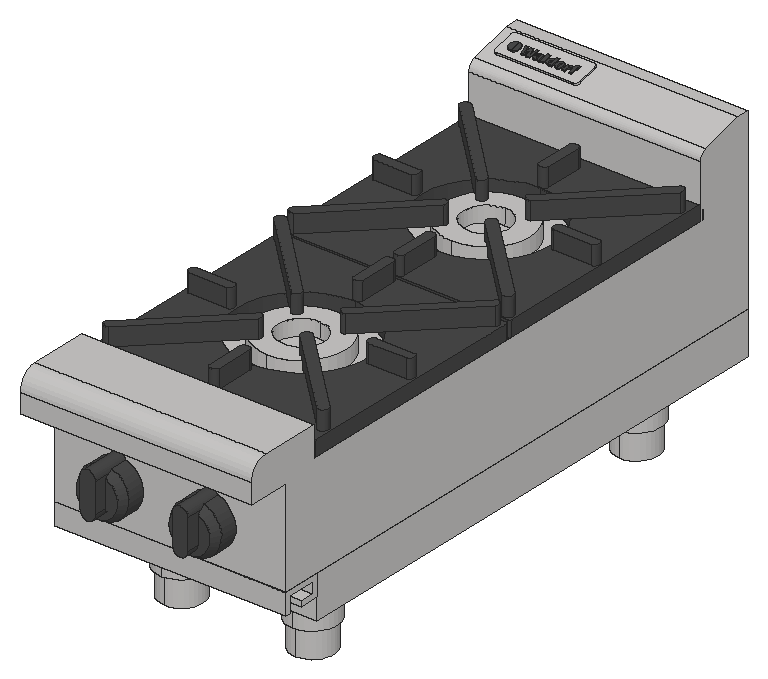
Revit family "QF_MOFFAT WALDORF_RNL8200G-B", category Specialty Equipment, Revit 2012
Parameters
  Weight in Pounds = 103.6171
  URL Cutsheet = "www.moffat.com"
  URL = "www.moffat.com"
  Type Mark [instance] = ""
  Status [instance] = ""
  Specification by User [instance] = ""
  Specification by Manufacturer = ""
  Show Logo [instance] = yes
  Serial Number = ""
  Seismic Rating = ""
  SMACNA No = ""
  Revision Code [instance] = ""
  Omniclass Number and Title = ""
  NAFEM Spec ID Number = ""
  Model = "RNL8200G-B"
  Mechanical Remarks [instance] = ""
  Mechanical Connection Type [instance] = ""
  Masterspec = ""
  Manufacturer = "MOFFAT WALDORF"
  Item Number [instance] = ""
  Installed By [instance] = ""
  Identify Quantity as Lot [instance] = yes
  Gas Size = 1/2"
  Gas RI Height [instance] = 0 mm
  Gas KW [instance] = 15.5
  Gas Input [instance] = 53078.0 Btu/h
  Gas Connection Height = 0 mm
  Furnished By [instance] = ""
  Foodservice Equipment Identifier [instance] = yes
  Description = "COOK TOP LOW SPLASHBACK GAS BENCH MOUNT"
  CSI MasterFormat = ""
  CSI Master Format = ""
Reference planes
  plane 1 "BACK": y = 0
  plane 2: z = 0
  plane 3 "LEFT": x = 0
  plane 4 "RIGHT": x = 300
  plane 5 "FRONT": y = -805
  plane 6 "TOP": z = 370
  plane 7 "Center Y": x = 150
  plane 8 "Center X": y = -402.5
  plane 9: x = 65
  plane 10: x = 235
Forms (mm)
  Revolve 1, solid, material "QF_Finishes_Stainless Steel"
    sketch origin (235, -735, 0) x (0, 1, 0) y (0, 0, -1)
      loop
        line (78.25, -85) -> (110, -85) -> (110, 0) -> (82.5, 0) -> (82.5, -35) -> (78.25, -35) -> (78.25, -85)
      axis (110, -85) -> (110, 0)
    angle from 0 to 360
  Revolve 2, solid, material "QF_Finishes_Stainless Steel"
    sketch origin (235, -210, 0) x (0, 1, 0) y (0, 0, -1)
      loop
        line (78.25, -85) -> (110, -85) -> (110, 0) -> (82.5, 0) -> (82.5, -35) -> (78.25, -35) -> (78.25, -85)
      axis (110, -85) -> (110, 0)
    angle from 0 to 360
  Revolve 3, solid, material "QF_Finishes_Stainless Steel"
    sketch origin (65, -735, 0) x (0, 1, 0) y (0, 0, 1)
      loop
        line (78.25, 85) -> (78.25, 35) -> (82.5, 35) -> (82.5, 0) -> (110, 0) -> (110, 85) -> (78.25, 85)
      axis (110, 85) -> (110, 0)
    angle from 0 to 360
  Revolve 4, solid, material "QF_Finishes_Stainless Steel"
    sketch origin (65, -210, 0) x (0, 1, 0) y (0, 0, 1)
      loop
        line (78.25, 85) -> (78.25, 35) -> (82.5, 35) -> (82.5, 0) -> (110, 0) -> (110, 85) -> (78.25, 85)
      axis (110, 85) -> (110, 0)
    angle from 0 to 360
  Revolve 5, solid, material "QF_Finishes_Black"
    sketch origin (210, 0, 0) x (0, -1, 0) y (0, 0, 1)
      loop
        line (782, 229.605) -> (759, 229.605) -> (759, 202.105) -> (749, 202.105) -> (749, 197.105) -> (793, 197.105) -> (793, 223.757) -> (782, 229.605)
      axis (793, 197.105) -> (749, 197.105)
    angle from 0 to 360
  Extrusion 6, solid, material "QF_Finishes_Black"
    sketch origin (71.569, 0, -103.997) x (1, 0, 0) y (0, 0, 1)
      loop
        line (148.431, 289) -> (148.431, 327.997)
        arc (148.431, 327.997) -> (138.431, 337.997) -> (128.431, 327.997) r 10
        line (128.431, 327.997) -> (128.431, 289)
        arc (128.431, 289) -> (138.431, 279) -> (148.431, 289) r 10
    from 759 to 808
  Extrusion 7, solid, material "QF_Finishes_Stainless Steel"
    sketch origin (138.187, 3, -500) x (1, 0, 0) y (0, 1, 0)
      loop
        circle (65, -35) r 13.5
    from 555 to 585
  Extrusion 8, solid, material "QF_Finishes_Stainless Steel"
    sketch origin (0, 0, 0) x (0, 1, 0) y (0, 0, 1)
      loop
        line (-749, 112.019) -> (-742.6, 112.019) -> (-742.6, 132.806) -> (-705.4, 132.806) -> (-705.4, 118.419) -> (-724, 118.419) -> (-724, 112.019) -> (-699, 112.019) -> (-699, 139.206) -> (-749, 139.206) -> (-749, 112.019)
    from 0 to 300
  Revolve 9, solid, material "QF_Finishes_Black"
    sketch origin (89.999, 0, -0.127) x (0, 1, 0) y (0, 0, -1)
      loop
        line (-782, -229.5) -> (-759, -229.5) -> (-759, -202) -> (-749, -202) -> (-749, -197) -> (-793, -197) -> (-793, -223.651) -> (-782, -229.5)
      axis (-793, -197) -> (-749, -197)
    angle from 0 to 360
  Extrusion 10, solid, material "QF_Finishes_Black"
    sketch origin (228.269, 0, 0.031) x (-1, 0, 0) y (0, 0, -1)
      loop
        arc (148.269, -184.969) -> (138.269, -174.969) -> (128.269, -184.969) r 10
        line (128.269, -184.969) -> (128.269, -223.969)
        arc (128.269, -223.969) -> (138.269, -233.969) -> (148.269, -223.969) r 10
        line (148.269, -223.969) -> (148.269, -184.969)
    from 759 to 808
  Extrusion 11, solid, material "QF_Finishes_Black"
    sketch origin (0, -70, 275) x (0, -1, 0) y (1, 0, 0)
      loop
        line (315, 4) -> (315, 296)
        arc (315, 296) -> (314.121, 298.121) -> (312, 299) r 3
        line (312, 299) -> (3, 299)
        arc (3, 299) -> (0.879, 298.121) -> (0, 296) r 3
        line (0, 296) -> (0, 4)
        arc (0, 4) -> (0.879, 1.879) -> (3, 1) r 3
        line (3, 1) -> (312, 1)
        arc (312, 1) -> (314.121, 1.879) -> (315, 4) r 3
      loop
        line (321, 1) -> (630, 1)
        arc (630, 1) -> (632.121, 1.879) -> (633, 4) r 3
        line (633, 4) -> (633, 296)
        arc (633, 296) -> (632.121, 298.121) -> (630, 299) r 3
        line (630, 299) -> (321, 299)
        arc (321, 299) -> (318.879, 298.121) -> (318, 296) r 3
        line (318, 296) -> (318, 4)
        arc (318, 4) -> (318.879, 1.879) -> (321, 1) r 3
      loop
        circle (165, 149.991) r 84.082
      loop
        circle (465, 149.991) r 84.082
    from 0 to 19.5
  Extrusion 12, solid, material "QF_Finishes_Black"
    sketch origin (0, -70, 294.5) x (0, -1, 0) y (1, 0, 0)
      loop
        spline (322.602, 15.153) -> (321.681, 13.924) -> (321.131, 12.47) -> (320.99, 10.89) -> (321.267, 9.292) -> (321.943, 7.786) -> (322.973, 6.473) -> (324.286, 5.443) -> (325.792, 4.767) -> (327.39, 4.49) -> (328.97, 4.631) -> (330.424, 5.181) -> (331.653, 6.102)
        line (331.653, 6.102) -> (439.576, 114.025)
        spline (439.576, 114.025) -> (440.337, 115.095) -> (440.738, 116.399) -> (440.751, 117.851) -> (440.375, 119.35) -> (439.637, 120.795) -> (438.586, 122.086) -> (437.295, 123.137) -> (435.85, 123.875) -> (434.351, 124.251) -> (432.899, 124.238) -> (431.595, 123.837) -> (430.525, 123.076)
        line (430.525, 123.076) -> (322.602, 15.153)
      loop
        spline (325.398, 156.4) -> (324.104, 156.182) -> (322.898, 155.543) -> (321.862, 154.525) -> (321.068, 153.2) -> (320.568, 151.656) -> (320.398, 150) -> (320.568, 148.344) -> (321.068, 146.8) -> (321.862, 145.475) -> (322.898, 144.457) -> (324.104, 143.818) -> (325.398, 143.6)
        line (325.398, 143.6) -> (374.602, 143.6)
        spline (374.602, 143.6) -> (375.896, 143.818) -> (377.102, 144.457) -> (378.138, 145.475) -> (378.932, 146.8) -> (379.432, 148.344) -> (379.602, 150) -> (379.432, 151.656) -> (378.932, 153.2) -> (378.138, 154.525) -> (377.102, 155.543) -> (375.896, 156.182) -> (374.602, 156.4)
        line (374.602, 156.4) -> (325.398, 156.4)
      loop
        spline (331.653, 293.898) -> (330.584, 294.659) -> (329.279, 295.059) -> (327.828, 295.072) -> (326.329, 294.697) -> (324.884, 293.959) -> (323.592, 292.908) -> (322.541, 291.616) -> (321.803, 290.171) -> (321.428, 288.672) -> (321.441, 287.221) -> (321.841, 285.916) -> (322.602, 284.847)
        line (322.602, 284.847) -> (430.525, 176.924)
        spline (430.525, 176.924) -> (431.595, 176.163) -> (432.899, 175.762) -> (434.351, 175.749) -> (435.85, 176.125) -> (437.295, 176.863) -> (438.586, 177.914) -> (439.637, 179.205) -> (440.375, 180.65) -> (440.751, 182.149) -> (440.738, 183.601) -> (440.337, 184.905) -> (439.576, 185.975)
        line (439.576, 185.975) -> (331.653, 293.898)
      loop
        line (460.1, 291.102) -> (460.1, 241.898)
        spline (460.1, 241.898) -> (460.318, 240.604) -> (460.957, 239.398) -> (461.975, 238.362) -> (463.3, 237.568) -> (464.844, 237.068) -> (466.5, 236.898) -> (468.156, 237.068) -> (469.7, 237.568) -> (471.025, 238.362) -> (472.043, 239.398) -> (472.682, 240.604) -> (472.9, 241.898)
        line (472.9, 241.898) -> (472.9, 291.102)
        spline (472.9, 291.102) -> (472.682, 292.396) -> (472.043, 293.602) -> (471.025, 294.638) -> (469.7, 295.432) -> (468.156, 295.932) -> (466.5, 296.102) -> (464.844, 295.932) -> (463.3, 295.432) -> (461.975, 294.638) -> (460.957, 293.602) -> (460.318, 292.396) -> (460.1, 291.102)
      loop
        spline (610.398, 284.847) -> (611.159, 285.916) -> (611.559, 287.221) -> (611.572, 288.672) -> (611.197, 290.171) -> (610.459, 291.616) -> (609.408, 292.908) -> (608.116, 293.959) -> (606.671, 294.697) -> (605.172, 295.072) -> (603.721, 295.059) -> (602.416, 294.659) -> (601.347, 293.898)
        line (601.347, 293.898) -> (493.424, 185.975)
        spline (493.424, 185.975) -> (492.663, 184.905) -> (492.262, 183.601) -> (492.249, 182.149) -> (492.625, 180.65) -> (493.363, 179.205) -> (494.414, 177.914) -> (495.705, 176.863) -> (497.15, 176.125) -> (498.649, 175.749) -> (500.101, 175.762) -> (501.405, 176.163) -> (502.475, 176.924)
        line (502.475, 176.924) -> (610.398, 284.847)
      loop
        spline (607.602, 143.6) -> (608.896, 143.818) -> (610.102, 144.457) -> (611.138, 145.475) -> (611.932, 146.8) -> (612.432, 148.344) -> (612.602, 150) -> (612.432, 151.656) -> (611.932, 153.2) -> (611.138, 154.525) -> (610.102, 155.543) -> (608.896, 156.182) -> (607.602, 156.4)
        line (607.602, 156.4) -> (558.398, 156.4)
        spline (558.398, 156.4) -> (557.104, 156.182) -> (555.898, 155.543) -> (554.862, 154.525) -> (554.068, 153.2) -> (553.568, 151.656) -> (553.398, 150) -> (553.568, 148.344) -> (554.068, 146.8) -> (554.862, 145.475) -> (555.898, 144.457) -> (557.104, 143.818) -> (558.398, 143.6)
        line (558.398, 143.6) -> (607.602, 143.6)
      loop
        line (610.398, 15.153) -> (502.475, 123.076)
        spline (502.475, 123.076) -> (501.405, 123.837) -> (500.101, 124.238) -> (498.649, 124.251) -> (497.15, 123.875) -> (495.705, 123.137) -> (494.414, 122.086) -> (493.363, 120.795) -> (492.625, 119.35) -> (492.249, 117.851) -> (492.262, 116.399) -> (492.663, 115.095) -> (493.424, 114.025)
        line (493.424, 114.025) -> (601.347, 6.102)
        spline (601.347, 6.102) -> (602.416, 5.341) -> (603.721, 4.941) -> (605.172, 4.928) -> (606.671, 5.303) -> (608.116, 6.041) -> (609.408, 7.092) -> (610.459, 8.384) -> (611.197, 9.829) -> (611.572, 11.328) -> (611.559, 12.779) -> (611.159, 14.084) -> (610.398, 15.153)
      loop
        line (472.9, 8.898) -> (472.9, 58.102)
        spline (472.9, 58.102) -> (472.682, 59.396) -> (472.043, 60.602) -> (471.025, 61.638) -> (469.7, 62.432) -> (468.156, 62.932) -> (466.5, 63.102) -> (464.844, 62.932) -> (463.3, 62.432) -> (461.975, 61.638) -> (460.957, 60.602) -> (460.318, 59.396) -> (460.1, 58.102)
        line (460.1, 58.102) -> (460.1, 8.898)
        spline (460.1, 8.898) -> (460.318, 7.604) -> (460.957, 6.398) -> (461.975, 5.362) -> (463.3, 4.568) -> (464.844, 4.068) -> (466.5, 3.898) -> (468.156, 4.068) -> (469.7, 4.568) -> (471.025, 5.362) -> (472.043, 6.398) -> (472.682, 7.604) -> (472.9, 8.898)
      loop
        spline (22.602, 15.153) -> (21.681, 13.924) -> (21.131, 12.47) -> (20.99, 10.89) -> (21.267, 9.292) -> (21.943, 7.786) -> (22.973, 6.473) -> (24.286, 5.443) -> (25.792, 4.767) -> (27.39, 4.49) -> (28.97, 4.631) -> (30.424, 5.181) -> (31.653, 6.102)
        line (31.653, 6.102) -> (139.576, 114.025)
        spline (139.576, 114.025) -> (140.337, 115.095) -> (140.738, 116.399) -> (140.751, 117.851) -> (140.375, 119.35) -> (139.637, 120.795) -> (138.586, 122.086) -> (137.295, 123.137) -> (135.85, 123.875) -> (134.351, 124.251) -> (132.899, 124.238) -> (131.595, 123.837) -> (130.525, 123.076)
        line (130.525, 123.076) -> (22.602, 15.153)
      loop
        spline (25.398, 156.4) -> (24.104, 156.182) -> (22.898, 155.543) -> (21.862, 154.525) -> (21.068, 153.2) -> (20.568, 151.656) -> (20.398, 150) -> (20.568, 148.344) -> (21.068, 146.8) -> (21.862, 145.475) -> (22.898, 144.457) -> (24.104, 143.818) -> (25.398, 143.6)
        line (25.398, 143.6) -> (74.602, 143.6)
        spline (74.602, 143.6) -> (75.896, 143.818) -> (77.102, 144.457) -> (78.138, 145.475) -> (78.932, 146.8) -> (79.432, 148.344) -> (79.602, 150) -> (79.432, 151.656) -> (78.932, 153.2) -> (78.138, 154.525) -> (77.102, 155.543) -> (75.896, 156.182) -> (74.602, 156.4)
        line (74.602, 156.4) -> (25.398, 156.4)
      loop
        spline (31.653, 293.898) -> (30.584, 294.659) -> (29.279, 295.059) -> (27.828, 295.072) -> (26.329, 294.697) -> (24.884, 293.959) -> (23.592, 292.908) -> (22.541, 291.616) -> (21.803, 290.171) -> (21.428, 288.672) -> (21.441, 287.221) -> (21.841, 285.916) -> (22.602, 284.847)
        line (22.602, 284.847) -> (130.525, 176.924)
        spline (130.525, 176.924) -> (131.595, 176.163) -> (132.899, 175.762) -> (134.351, 175.749) -> (135.85, 176.125) -> (137.295, 176.863) -> (138.586, 177.914) -> (139.637, 179.205) -> (140.375, 180.65) -> (140.751, 182.149) -> (140.738, 183.601) -> (140.337, 184.905) -> (139.576, 185.975)
        line (139.576, 185.975) -> (31.653, 293.898)
      loop
        line (160.1, 291.102) -> (160.1, 241.898)
        spline (160.1, 241.898) -> (160.318, 240.604) -> (160.957, 239.398) -> (161.975, 238.362) -> (163.3, 237.568) -> (164.844, 237.068) -> (166.5, 236.898) -> (168.156, 237.068) -> (169.7, 237.568) -> (171.025, 238.362) -> (172.043, 239.398) -> (172.682, 240.604) -> (172.9, 241.898)
        line (172.9, 241.898) -> (172.9, 291.102)
        spline (172.9, 291.102) -> (172.682, 292.396) -> (172.043, 293.602) -> (171.025, 294.638) -> (169.7, 295.432) -> (168.156, 295.932) -> (166.5, 296.102) -> (164.844, 295.932) -> (163.3, 295.432) -> (161.975, 294.638) -> (160.957, 293.602) -> (160.318, 292.396) -> (160.1, 291.102)
      loop
        spline (310.398, 284.847) -> (311.159, 285.916) -> (311.559, 287.221) -> (311.572, 288.672) -> (311.197, 290.171) -> (310.459, 291.616) -> (309.408, 292.908) -> (308.116, 293.959) -> (306.671, 294.697) -> (305.172, 295.072) -> (303.721, 295.059) -> (302.416, 294.659) -> (301.347, 293.898)
        line (301.347, 293.898) -> (193.424, 185.975)
        spline (193.424, 185.975) -> (192.663, 184.905) -> (192.262, 183.601) -> (192.249, 182.149) -> (192.625, 180.65) -> (193.363, 179.205) -> (194.414, 177.914) -> (195.705, 176.863) -> (197.15, 176.125) -> (198.649, 175.749) -> (200.101, 175.762) -> (201.405, 176.163) -> (202.475, 176.924)
        line (202.475, 176.924) -> (310.398, 284.847)
      loop
        spline (307.602, 143.6) -> (308.896, 143.818) -> (310.102, 144.457) -> (311.138, 145.475) -> (311.932, 146.8) -> (312.432, 148.344) -> (312.602, 150) -> (312.432, 151.656) -> (311.932, 153.2) -> (311.138, 154.525) -> (310.102, 155.543) -> (308.896, 156.182) -> (307.602, 156.4)
        line (307.602, 156.4) -> (258.398, 156.4)
        spline (258.398, 156.4) -> (257.104, 156.182) -> (255.898, 155.543) -> (254.862, 154.525) -> (254.068, 153.2) -> (253.568, 151.656) -> (253.398, 150) -> (253.568, 148.344) -> (254.068, 146.8) -> (254.862, 145.475) -> (255.898, 144.457) -> (257.104, 143.818) -> (258.398, 143.6)
        line (258.398, 143.6) -> (307.602, 143.6)
      loop
        line (310.398, 15.153) -> (202.475, 123.076)
        spline (202.475, 123.076) -> (201.405, 123.837) -> (200.101, 124.238) -> (198.649, 124.251) -> (197.15, 123.875) -> (195.705, 123.137) -> (194.414, 122.086) -> (193.363, 120.795) -> (192.625, 119.35) -> (192.249, 117.851) -> (192.262, 116.399) -> (192.663, 115.095) -> (193.424, 114.025)
        line (193.424, 114.025) -> (301.347, 6.102)
        spline (301.347, 6.102) -> (302.416, 5.341) -> (303.721, 4.941) -> (305.172, 4.928) -> (306.671, 5.303) -> (308.116, 6.041) -> (309.408, 7.092) -> (310.459, 8.384) -> (311.197, 9.829) -> (311.572, 11.328) -> (311.559, 12.779) -> (311.159, 14.084) -> (310.398, 15.153)
      loop
        line (172.9, 8.898) -> (172.9, 58.102)
        spline (172.9, 58.102) -> (172.682, 59.396) -> (172.043, 60.602) -> (171.025, 61.638) -> (169.7, 62.432) -> (168.156, 62.932) -> (166.5, 63.102) -> (164.844, 62.932) -> (163.3, 62.432) -> (161.975, 61.638) -> (160.957, 60.602) -> (160.318, 59.396) -> (160.1, 58.102)
        line (160.1, 58.102) -> (160.1, 8.898)
        spline (160.1, 8.898) -> (160.318, 7.604) -> (160.957, 6.398) -> (161.975, 5.362) -> (163.3, 4.568) -> (164.844, 4.068) -> (166.5, 3.898) -> (168.156, 4.068) -> (169.7, 4.568) -> (171.025, 5.362) -> (172.043, 6.398) -> (172.682, 7.604) -> (172.9, 8.898)
    from 0 to 23.5
  Extrusion 13, solid, material "QF_Finishes_Stainless Steel"
    sketch origin (0, 0, 0) x (0, 1, 0) y (0, 0, 1)
      loop
        line (-805, 291) -> (-805, 266) -> (-749, 266) -> (-749, 140) -> (0, 140) -> (0, 370) -> (-16.5, 370) -> (-68.655, 356.025)
        arc (-68.655, 356.025) -> (-75.069, 351.739) -> (-77.549, 344.434) r 12
        line (-77.549, 344.434) -> (-77.549, 275) -> (-705, 275) -> (-705, 315) -> (-781, 315)
        arc (-781, 315) -> (-797.971, 307.971) -> (-805, 291) r 24
      loop
        line (0, 85) -> (0, 139.206) -> (-699, 139.206) -> (-699, 85) -> (0, 85)
    from 0 to 300
  Extrusion 14, solid, material "QF_Finishes_Stainless Steel"
    sketch origin (0, -77.549, 275) x (0, -1, 0) y (1, 0, 0)
      loop
        circle (158.951, 150) r 57
      loop
        circle (458.951, 150) r 57
      loop
        circle (158.951, 150) r 30
      loop
        circle (458.951, 150) r 30
    from 0 to 20
Cuts and joins
  joined: Revolve 5, Extrusion 6
Lines and regions (mm)
  Split face 1
    outline origin (-6.875, -16.5, 370) x (0, -0.965926, -0.258819) y (1, 0, 0)
      loop
        line (4.984, 152.313) -> (38.996, 152.313) -> (38.996, 167.313) -> (4.984, 167.313) -> (4.984, 152.313)
  Split face 2
    outline origin (14.947, -16.5, 370) x (0, -0.965926, -0.258819) y (1, 0, 0)
      loop
        line (5.007, 147.669) -> (38.996, 147.669) -> (38.996, 162.669) -> (5.007, 162.669) -> (5.007, 147.669)
  Split face 3
    outline origin (37.71, -16.5, 370) x (0, -0.965926, -0.258819) y (1, 0, 0)
      loop
        line (5.007, 147.598) -> (38.996, 147.598) -> (38.996, 162.598) -> (5.007, 162.598) -> (5.007, 147.598)
  Split face 4
    outline origin (61.248, -16.5, 370) x (0, -0.965926, -0.258819) y (1, 0, 0)
      loop
        line (5.007, 147.377) -> (38.996, 147.377) -> (38.996, 162.377) -> (5.007, 162.377) -> (5.007, 147.377)
  Split face 5
    outline origin (84.945, -16.5, 370) x (0, -0.965926, -0.258819) y (1, 0, 0)
      loop
        line (5.007, 147.623) -> (38.996, 147.623) -> (38.996, 162.623) -> (5.007, 162.623) -> (5.007, 147.623)
  Split face 6
    outline origin (107.849, -16.5, 370) x (0, -0.965926, -0.258819) y (1, 0, 0)
      loop
        line (5.007, 148.037) -> (38.996, 148.037) -> (38.996, 163.037) -> (5.007, 163.037) -> (5.007, 148.037)
  symbolic lines
    curve 1: line (0, 0, 0) -> (0, -805, 0)
    curve 2: line (300, 0, 0) -> (0, 0, 0)
    curve 3: line (300, -805, 0) -> (300, 0, 0)
    curve 4: line (0, -70, 0) -> (300, -70, 0)
    curve 5: line (0, -805, 0) -> (300, -805, 0)
    curve 10: line (300, -705, 0) -> (0, -705, 0)
    curve 11: line (10.628, -97.128, 0) -> (118.551, -205.051, 0)
    curve 12: line (150, -95.398, 0) -> (150, -144.602, 0)
    curve 13: line (289.372, -97.128, 0) -> (181.449, -205.051, 0)
    curve 14: line (291.102, -236.5, 0) -> (241.898, -236.5, 0)
    curve 15: line (8.898, -236.5, 0) -> (58.102, -236.5, 0)
    curve 16: line (10.628, -375.872, 0) -> (118.551, -267.949, 0)
    curve 17: line (289.372, -375.872, 0) -> (181.449, -267.949, 0)
    curve 18: line (289.372, -397.128, 0) -> (181.449, -505.051, 0)
    curve 19: line (150, -395.398, 0) -> (150, -444.602, 0)
    curve 20: line (10.628, -397.128, 0) -> (118.551, -505.051, 0)
    curve 21: line (150, -377.602, 0) -> (150, -328.398, 0)
    curve 22: line (8.898, -536.5, 0) -> (58.102, -536.5, 0)
    curve 23: line (291.102, -536.5, 0) -> (241.898, -536.5, 0)
    curve 24: line (289.372, -675.872, 0) -> (181.449, -567.949, 0)
    curve 25: line (10.628, -675.872, 0) -> (118.551, -567.949, 0)
    curve 26: line (150, -677.602, 0) -> (150, -628.398, 0)
    curve 27: arc (150, -479.5, 0) -> (207, -536.5, 0) -> (150, -593.5, 0) r 57
    curve 28: arc (150, -593.5, 0) -> (93, -536.5, 0) -> (150, -479.5, 0) r 57
    curve 29: arc (150, -293.5, 0) -> (93, -236.5, 0) -> (150, -179.5, 0) r 57
    curve 30: arc (150, -179.5, 0) -> (207, -236.5, 0) -> (150, -293.5, 0) r 57
    curve 31: line (300, -388, 0) -> (0, -388, 0)
    curve 32: line (0, -385, 0) -> (300, -385, 0)
    curve 33: line (145.438, -54.233, 0) -> (145.438, -21.314, 0)
    curve 34: line (145.438, -21.314, 0) -> (160.438, -21.314, 0)
    curve 35: line (160.438, -21.314, 0) -> (160.438, -54.233, 0)
    curve 36: line (160.438, -54.233, 0) -> (145.438, -54.233, 0)
    curve 37: line (167.416, -21.314, 0) -> (167.416, -54.233, 0)
    curve 38: line (167.416, -54.233, 0) -> (182.416, -54.233, 0)
    curve 39: line (182.416, -54.233, 0) -> (182.416, -21.314, 0)
    curve 40: line (182.416, -21.314, 0) -> (167.416, -21.314, 0)
    curve 41: line (190.108, -54.233, 0) -> (190.108, -21.314, 0)
    curve 42: line (190.108, -21.314, 0) -> (205.108, -21.314, 0)
    curve 43: line (205.108, -21.314, 0) -> (205.108, -54.233, 0)
    curve 44: line (205.108, -54.233, 0) -> (190.108, -54.233, 0)
    curve 45: line (213.426, -54.233, 0) -> (213.426, -21.314, 0)
    curve 46: line (213.426, -21.314, 0) -> (228.426, -21.314, 0)
    curve 47: line (228.426, -21.314, 0) -> (228.426, -54.233, 0)
    curve 48: line (228.426, -54.233, 0) -> (213.426, -54.233, 0)
    curve 49: line (237.368, -54.233, 0) -> (237.368, -21.314, 0)
    curve 50: line (237.368, -21.314, 0) -> (252.368, -21.314, 0)
    curve 51: line (252.368, -21.314, 0) -> (252.368, -54.233, 0)
    curve 52: line (252.368, -54.233, 0) -> (237.368, -54.233, 0)
    curve 53: line (260.686, -54.233, 0) -> (260.686, -21.314, 0)
    curve 54: line (260.686, -21.314, 0) -> (275.686, -21.314, 0)
    curve 55: line (275.686, -21.314, 0) -> (275.686, -54.233, 0)
    curve 56: line (275.686, -54.233, 0) -> (260.686, -54.233, 0)
    curve 57: arc (149.991, -450.918, 0) -> (234.073, -535, 0) -> (149.991, -619.082, 0) r 84.082
    curve 58: arc (149.991, -619.082, 0) -> (65.909, -535, 0) -> (149.991, -450.918, 0) r 84.082
    curve 59: arc (149.991, -150.918, 0) -> (234.073, -235, 0) -> (149.991, -319.082, 0) r 84.082
    curve 60: arc (149.991, -319.082, 0) -> (65.909, -235, 0) -> (149.991, -150.918, 0) r 84.082
    curve 61: arc (150, -206.5, 0) -> (180, -236.5, 0) -> (150, -266.5, 0) r 30
    curve 62: arc (150, -266.5, 0) -> (120, -236.5, 0) -> (150, -206.5, 0) r 30
    curve 63: arc (150, -506.5, 0) -> (180, -536.5, 0) -> (150, -566.5, 0) r 30
    curve 64: arc (150, -566.5, 0) -> (120, -536.5, 0) -> (150, -506.5, 0) r 30
  symbolic lines, visible <- "Show Logo"
    curve 6: line (12.5, -54.233, 0) -> (12.5, -20.958, 0)
    curve 7: line (12.5, -20.958, 0) -> (121.5, -20.958, 0)
    curve 8: line (12.5, -54.233, 0) -> (121.5, -54.233, 0)
    curve 9: line (121.5, -20.958, 0) -> (121.5, -54.233, 0)
Dimensions and locks
  equal spacing: plane 3 "LEFT", plane 7 "Center Y", plane 4 "RIGHT"
  plane 3 "LEFT" to plane 4 "RIGHT" = 300 mm
  equal spacing: plane 5 "FRONT", plane 8 "Center X", plane 1 "BACK"
  plane 5 "FRONT" to plane 1 "BACK" = 805 mm  (x2)
  equal spacing: plane 4 "RIGHT", plane 7 "Center Y", plane 3 "LEFT"
  plane 4 "RIGHT" to plane 3 "LEFT" = 300 mm
  Extrusion 7 to level = 55 mm
  Extrusion 7 to plane 1 "BACK" = 32 mm
  plane 6 "TOP" to level = 370 mm
  aligned and locked: level to plane 2
  aligned and locked: curve 3 to plane 4 "RIGHT"
Automatic sketch dimensions
  Revolve 1 sketch curve to level = 0 mm
  level to Revolve 1 sketch curve = 35 mm
  Revolve 1 sketch curve to plane 5 "FRONT" = 148.25 mm
  Revolve 1 sketch curve to Revolve 1 sketch curve = 4.25 mm
  Revolve 1 sketch curve to Revolve 1 sketch curve = 27.5 mm
  Revolve 1 sketch curve to Revolve 1 sketch curve = 0 mm
  Revolve 1 sketch curve to Revolve 1 sketch curve = 15 mm
  Revolve 1 sketch curve to Revolve 1 sketch curve = 35 mm
  Revolve 1 sketch curve to Revolve 1 sketch curve = 55 mm
  Revolve 2 sketch curve to level = 0 mm
  level to Revolve 2 sketch curve = 35 mm
  plane 1 "BACK" to Revolve 2 sketch curve = 131.75 mm
  Revolve 2 sketch curve to Revolve 2 sketch curve = 4.25 mm
  Revolve 2 sketch curve to Revolve 2 sketch curve = 27.5 mm  (x2)
  Revolve 2 sketch curve to Revolve 2 sketch curve = 15 mm
  Revolve 2 sketch curve to Revolve 2 sketch curve = 35 mm
  Revolve 2 sketch curve to Revolve 2 sketch curve = 55 mm
  Revolve 3 sketch curve to level = 0 mm
  level to Revolve 3 sketch curve = 35 mm
  Revolve 3 sketch curve to plane 5 "FRONT" = 148.25 mm
  Revolve 3 sketch curve to Revolve 3 sketch curve = 4.25 mm
  Revolve 3 sketch curve to Revolve 3 sketch curve = 27.5 mm  (x2)
  Revolve 3 sketch curve to Revolve 3 sketch curve = 55 mm
  Revolve 3 sketch curve to Revolve 3 sketch curve = 15 mm
  Revolve 3 sketch curve to Revolve 3 sketch curve = 35 mm
  Revolve 4 sketch curve to level = 0 mm
  level to Revolve 4 sketch curve = 35 mm
  plane 1 "BACK" to Revolve 4 sketch curve = 131.75 mm
  Revolve 4 sketch curve to Revolve 4 sketch curve = 4.25 mm
  Revolve 4 sketch curve to Revolve 4 sketch curve = 27.5 mm  (x2)
  Revolve 4 sketch curve to Revolve 4 sketch curve = 55 mm
  Revolve 4 sketch curve to Revolve 4 sketch curve = 15 mm
  Revolve 4 sketch curve to Revolve 4 sketch curve = 35 mm
  Revolve 5 sketch curve to plane 5 "FRONT" = 56 mm
  Revolve 5 sketch curve to Revolve 5 sketch curve = 10 mm
  Revolve 5 sketch curve to Revolve 5 sketch curve = 21.3 mm
  Revolve 5 sketch curve to plane 5 "FRONT" = 23 mm
  Revolve 5 sketch curve to plane 5 "FRONT" = 12 mm
  Revolve 5 sketch curve to Revolve 5 sketch curve = 0 mm  (x2)
  Revolve 5 sketch curve to plane 6 "TOP" = 172.895 mm
  Revolve 5 sketch curve to Revolve 5 sketch curve = 5 mm
  Revolve 5 sketch curve to Revolve 5 sketch curve = 26.651 mm
  Revolve 5 sketch curve to Revolve 5 sketch curve = 5.849 mm
  plane 10 to Extrusion 6 sketch curve = 35 mm
  Extrusion 6 sketch curve to Extrusion 6 sketch curve = 10 mm
  Extrusion 6 sketch curve to plane 6 "TOP" = 184.997 mm
  Extrusion 6 sketch curve to Extrusion 6 sketch curve = 38.997 mm
  plane 10 to Extrusion 7 sketch curve = 31.813 mm
  plane 1 "BACK" to Extrusion 7 sketch curve = 32 mm
  Extrusion 8 sketch curve to plane 5 "FRONT" = 56 mm
  Extrusion 8 sketch curve to Extrusion 8 sketch curve = 6.4 mm  (x4)
  Extrusion 8 sketch curve to Extrusion 8 sketch curve = 18.6 mm  (x2)
  level to Extrusion 8 sketch curve = 112.019 mm
  Extrusion 8 sketch curve to Extrusion 8 sketch curve = 0 mm
  Extrusion 8 sketch curve to Extrusion 8 sketch curve = 20.787 mm
  Revolve 9 sketch curve to plane 5 "FRONT" = 12 mm
  Revolve 9 sketch curve to Revolve 9 sketch curve = 0 mm  (x2)
  Revolve 9 sketch curve to Revolve 9 sketch curve = 11 mm
  Revolve 9 sketch curve to Revolve 9 sketch curve = 12.7 mm
  Revolve 9 sketch curve to Revolve 9 sketch curve = 23 mm
  Revolve 9 sketch curve to Revolve 9 sketch curve = 10 mm
  Revolve 9 sketch curve to plane 6 "TOP" = 140.627 mm
  Revolve 9 sketch curve to Revolve 9 sketch curve = 5.849 mm
  Revolve 9 sketch curve to Revolve 9 sketch curve = 27.5 mm
  Revolve 9 sketch curve to Revolve 9 sketch curve = 5 mm
  plane 9 to Extrusion 10 sketch curve = 35 mm
  Extrusion 10 sketch curve to Extrusion 10 sketch curve = 10 mm
  Extrusion 10 sketch curve to plane 6 "TOP" = 146 mm
  Extrusion 10 sketch curve to Extrusion 10 sketch curve = 39 mm
  Extrusion 11 sketch curve to plane 7 "Center Y" = 0.009 mm  (x2)
  plane 3 "LEFT" to Extrusion 11 sketch curve = 4 mm  (x2)
  plane 1 "BACK" to Extrusion 11 sketch curve = 70 mm
  plane 3 "LEFT" to Extrusion 11 sketch curve = 1 mm  (x2)
  Extrusion 11 sketch curve to Extrusion 11 sketch curve = 3 mm  (x5)
  plane 8 "Center X" to Extrusion 11 sketch curve = 167.5 mm
  plane 4 "RIGHT" to Extrusion 11 sketch curve = 1 mm  (x2)
  plane 8 "Center X" to Extrusion 11 sketch curve = 20.5 mm  (x2)
  Extrusion 11 sketch curve to plane 8 "Center X" = 132.5 mm
  Extrusion 11 sketch curve to plane 5 "FRONT" = 105 mm  (x2)
  Extrusion 12 sketch curve to Extrusion 11 = 22.602 mm  (x2)
  Extrusion 12 sketch curve to Extrusion 11 = 25.398 mm  (x2)
  Extrusion 12 sketch curve to Extrusion 12 sketch curve = 4.525 mm  (x16)
  Extrusion 12 sketch curve to Extrusion 12 sketch curve = 49.204 mm  (x5)
  Extrusion 12 sketch curve to Extrusion 12 sketch curve = 55.923 mm  (x5)
  Extrusion 12 sketch curve to Extrusion 12 sketch curve = 0 mm  (x5)
  Extrusion 12 sketch curve to Extrusion 12 sketch curve = 20.524 mm  (x8)
  Extrusion 12 sketch curve to Extrusion 12 sketch curve = 6.4 mm  (x8)
  Extrusion 12 sketch curve to Extrusion 12 sketch curve = 53.847 mm  (x8)
  Extrusion 12 sketch curve to Extrusion 11 = 56.602 mm
  Extrusion 12 sketch curve to Extrusion 11 = 5.102 mm  (x6)
  Extrusion 12 sketch curve to Extrusion 11 = 13.653 mm  (x2)
  Extrusion 12 sketch curve to Extrusion 11 = 7.398 mm  (x2)
  Extrusion 12 sketch curve to Extrusion 11 = 4.602 mm  (x2)
  Extrusion 12 sketch curve to Extrusion 11 = 7.898 mm  (x4)
  Extrusion 12 sketch curve to Extrusion 11 = 31.653 mm  (x2)
  Extrusion 12 sketch curve to Extrusion 11 = 57.102 mm
  Extrusion 12 sketch curve to Extrusion 11 = 14.153 mm
  Extrusion 13 to Split face 1 sketch curve = 4.984 mm
  Split face 1 sketch curve to Extrusion 13 = 145.438 mm
  Split face 1 sketch curve to Split face 1 sketch curve = 15 mm
  Extrusion 13 to Split face 2 sketch curve = 5.007 mm
  Split face 2 sketch curve to Extrusion 13 = 137.384 mm
  Split face 2 sketch curve to Split face 2 sketch curve = 15 mm
  Extrusion 13 to Split face 3 sketch curve = 5.007 mm
  Split face 3 sketch curve to Extrusion 13 = 114.692 mm
  Split face 3 sketch curve to Split face 3 sketch curve = 15 mm
  Extrusion 13 to Split face 4 sketch curve = 5.007 mm
  Split face 4 sketch curve to Extrusion 13 = 91.374 mm
  Split face 4 sketch curve to Split face 4 sketch curve = 15 mm
  Extrusion 13 to Split face 5 sketch curve = 5.007 mm
  Split face 5 sketch curve to Extrusion 13 = 67.432 mm
  Split face 5 sketch curve to Split face 5 sketch curve = 15 mm
  Extrusion 13 to Split face 6 sketch curve = 5.007 mm
  Split face 6 sketch curve to Extrusion 13 = 44.114 mm
  Split face 6 sketch curve to Split face 6 sketch curve = 15 mm
  Extrusion 13 sketch curve to plane 5 "FRONT" = 0 mm
  Extrusion 13 sketch curve to plane 6 "TOP" = 0 mm
  Extrusion 13 sketch curve to plane 1 "BACK" = 0 mm  (x2)
  Extrusion 13 sketch curve to plane 5 "FRONT" = 24 mm
  Extrusion 13 sketch curve to plane 5 "FRONT" = 56 mm
  Extrusion 13 sketch curve to Extrusion 13 sketch curve = 44 mm
  Extrusion 13 sketch curve to Extrusion 13 sketch curve = 50 mm
  plane 1 "BACK" to Extrusion 13 sketch curve = 77.549 mm
  Extrusion 13 sketch curve to plane 6 "TOP" = 13.975 mm
  Extrusion 13 sketch curve to Extrusion 13 sketch curve = 8.894 mm
  Extrusion 13 sketch curve to Extrusion 13 sketch curve = 12 mm
  plane 1 "BACK" to Extrusion 13 sketch curve = 16.5 mm
  Extrusion 13 sketch curve to plane 6 "TOP" = 55 mm
  Extrusion 13 sketch curve to Extrusion 13 sketch curve = 40 mm
  Extrusion 13 sketch curve to Extrusion 13 sketch curve = 25 mm
  level to Extrusion 13 sketch curve = 140 mm
  Extrusion 13 sketch curve to Extrusion 13 sketch curve = 0.794 mm
  Extrusion 13 sketch curve to Extrusion 13 sketch curve = 54.206 mm
  Split face 1 sketch curve to Extrusion 13 = 14.999 mm
  Split face 2 sketch curve to Extrusion 13 = 14.999 mm
  Split face 3 sketch curve to Extrusion 13 = 14.999 mm
  Split face 4 sketch curve to Extrusion 13 = 14.999 mm
  Split face 5 sketch curve to Extrusion 13 = 14.999 mm
  Split face 6 sketch curve to Extrusion 13 = 14.999 mm
  plane 1 "BACK" to curve 1 = 0 mm
  curve 1 to plane 3 "LEFT" = 0 mm
  curve 12 to plane 7 "Center Y" = 0 mm
  curve 19 to plane 7 "Center Y" = 0 mm
  curve 21 to plane 7 "Center Y" = 0 mm
  curve 26 to plane 7 "Center Y" = 0 mm
  curve 27 to plane 7 "Center Y" = 0 mm
  curve 29 to plane 7 "Center Y" = 0 mm
  plane 5 "FRONT" to curve 1 = 0 mm
  plane 3 "LEFT" to curve 22 = 8.898 mm
  plane 3 "LEFT" to curve 15 = 8.898 mm
  plane 3 "LEFT" to curve 25 = 10.628 mm
  plane 3 "LEFT" to curve 11 = 10.628 mm
  plane 3 "LEFT" to curve 20 = 10.628 mm
  plane 3 "LEFT" to curve 16 = 10.628 mm
  plane 3 "LEFT" to curve 6 = 12.5 mm
  curve 15 to plane 9 = 6.898 mm
  curve 22 to plane 9 = 6.898 mm
  curve 11 to plane 7 "Center Y" = 31.449 mm
  curve 16 to plane 7 "Center Y" = 31.449 mm
  curve 20 to plane 7 "Center Y" = 31.449 mm
  curve 25 to plane 7 "Center Y" = 31.449 mm
  curve 9 to plane 7 "Center Y" = 28.5 mm
  curve 36 to plane 7 "Center Y" = 4.562 mm
  curve 58 to plane 7 "Center Y" = 0.009 mm
  curve 59 to plane 7 "Center Y" = 0.009 mm
  plane 7 "Center Y" to curve 35 = 10.438 mm
  curve 34 to curve 37 = 6.978 mm
  plane 7 "Center Y" to curve 17 = 31.449 mm
  plane 7 "Center Y" to curve 18 = 31.449 mm
  plane 7 "Center Y" to curve 13 = 31.449 mm
  plane 7 "Center Y" to curve 24 = 31.449 mm
  curve 37 to curve 39 = 15 mm
  curve 38 to curve 44 = 7.692 mm
  curve 41 to curve 43 = 15 mm
  curve 42 to curve 46 = 8.317 mm
  plane 10 to curve 47 = 6.574 mm
  curve 49 to plane 10 = 2.368 mm
  curve 23 to plane 10 = 6.898 mm
  curve 14 to plane 10 = 6.898 mm
  curve 49 to curve 50 = 15 mm
  curve 51 to curve 56 = 8.317 mm
  curve 53 to curve 54 = 15 mm
  plane 4 "RIGHT" to curve 17 = 10.628 mm
  plane 4 "RIGHT" to curve 18 = 10.628 mm
  plane 4 "RIGHT" to curve 13 = 10.628 mm
  plane 4 "RIGHT" to curve 24 = 10.628 mm
  plane 4 "RIGHT" to curve 23 = 8.898 mm
  plane 4 "RIGHT" to curve 14 = 8.898 mm
  curve 10 to plane 5 "FRONT" = 100 mm
  curve 26 to plane 5 "FRONT" = 127.398 mm
  curve 10 to curve 24 = 29.128 mm
  curve 10 to curve 25 = 29.128 mm
  curve 26 to curve 26 = 49.204 mm
  curve 26 to curve 57 = 9.316 mm
  curve 57 to curve 28 = 25.582 mm
  curve 27 to curve 24 = 25.551 mm
  curve 27 to curve 25 = 25.551 mm
  curve 25 to curve 22 = 31.449 mm
  curve 24 to curve 23 = 31.449 mm
  curve 25 to curve 28 = 31.449 mm
  curve 27 to curve 57 = 1.5 mm
  curve 18 to curve 28 = 25.551 mm
  curve 20 to curve 28 = 25.551 mm
  curve 57 to curve 19 = 6.316 mm
  plane 8 "Center X" to curve 18 = 5.372 mm
  plane 8 "Center X" to curve 20 = 5.372 mm
  plane 8 "Center X" to curve 19 = 7.102 mm
  curve 18 to curve 31 = 9.128 mm
  curve 31 to curve 32 = 3 mm
  curve 19 to curve 21 = 17.796 mm
  curve 32 to curve 16 = 9.128 mm
  curve 32 to curve 17 = 9.128 mm
  curve 21 to curve 21 = 49.204 mm
  curve 21 to curve 59 = 9.316 mm
  curve 60 to curve 30 = 25.582 mm
  curve 29 to curve 16 = 25.551 mm
  curve 30 to curve 17 = 25.551 mm
  curve 16 to curve 15 = 31.449 mm
  curve 17 to curve 14 = 31.449 mm
  curve 16 to curve 29 = 31.449 mm
  curve 29 to curve 60 = 1.5 mm
  curve 13 to curve 30 = 25.551 mm
  curve 11 to curve 29 = 25.551 mm
  curve 59 to curve 12 = 6.316 mm
  plane 1 "BACK" to curve 11 = 97.128 mm
  plane 1 "BACK" to curve 13 = 97.128 mm
  curve 12 to curve 12 = 49.204 mm
  curve 11 to curve 4 = 27.128 mm
  curve 12 to curve 33 = 41.165 mm
  curve 9 to curve 33 = 0 mm
  curve 4 to curve 56 = 15.767 mm
  curve 35 to curve 37 = 0 mm  (x2)
  curve 52 to curve 53 = 0 mm
  curve 38 to curve 41 = 0 mm
  curve 43 to curve 48 = 0 mm
  plane 1 "BACK" to curve 47 = 21.314 mm
  curve 43 to curve 45 = 0 mm
  curve 46 to curve 49 = 0 mm
  plane 1 "BACK" to curve 40 = 21.314 mm
  curve 50 to curve 53 = 0 mm
  plane 1 "BACK" to curve 7 = 20.958 mm
  Extrusion 13 to Extrusion 14 sketch curve = 101.951 mm
  Extrusion 14 sketch curve to Extrusion 14 sketch curve = 57 mm  (x2)
  Extrusion 13 to Extrusion 14 sketch curve = 150 mm  (x2)
  Extrusion 14 sketch curve to Extrusion 14 sketch curve = 186 mm
  Extrusion 14 sketch curve to Extrusion 14 sketch curve = 27 mm  (x2)
  Extrusion 14 sketch curve to Extrusion 14 sketch curve = 0 mm  (x4)
  curve 29 to curve 61 = 0 mm  (x2)
  curve 29 to curve 62 = 27 mm
  curve 27 to curve 63 = 0 mm  (x2)
  curve 27 to curve 64 = 27 mm
  radius of Extrusion 7 sketch curve = 13.5 mm
  radius of Extrusion 11 sketch curve = 84.082 mm  (x2)
Nested families
  nested 1: "WALDORF LOGO_FACE BASE" at (12.331, -21.736, 368.597) x (1, 0, 0) z (0, -0.2588, 0.9659), visible <- "Show Logo", type "WALDORF LOGO_FACE BASE", detail levels medium+fine
    with Show Logo yes
Connectors
  piping at (203.188, -32, 55)
    settings: on Extrusion 7, index 1, connector radius 0.25197", flow factor 0, pipe flow 0 GPM, pressure drop 0.00 psi, fitting loss kfactor 0, connector angle 0.00°, fixture units 0, engagement length 0 mm, flow configuration 1, flow direction 1, fitting loss method 0, system type 7, joint type 0, gender type 0, connector reference index -1, connector utility 0, adjustable connector no, is connector primary yes, fitting loss table "", connector description "GAS CONNECTION"
Definition of nested family "WALDORF LOGO_FACE BASE"
  Parameters (values of type "WALDORF LOGO_FACE BASE")
    Show Logo [instance] = yes
    Default Elevation = 1219.2 mm
  Reference planes
    plane 1 "Center (Front/Back)": y = 0
    plane 2: z = 0
    plane 3 "Center (Left/Right)": x = 0
  Forms (mm)
    Extrusion 1, solid
      sketch origin (0, 0, 0) x (1, 0, 0) y (0, 1, 0)
        loop
          line (-1219.2, 1219.2) -> (-1219.2, -1219.2) -> (1219.2, -1219.2) -> (1219.2, 1219.2) -> (-1219.2, 1219.2)
      from 0 to -304.8
    Extrusion 2, solid, material "QF_Finishes_Stainless Steel", visible <- "Show Logo"
      sketch origin (0, -33.217, 0) x (1, 0, 0) y (0, 1, 0)
        loop
          arc (5, 34.14) -> (1.464, 32.676) -> (0, 29.14) r 5
          line (0, 29.14) -> (0, 5)
          arc (0, 5) -> (1.464, 1.464) -> (5, 0) r 5
          line (5, 0) -> (104, 0)
          arc (104, 0) -> (107.536, 1.464) -> (109, 5) r 5
          line (109, 5) -> (109, 29.14)
          arc (109, 29.14) -> (107.536, 32.676) -> (104, 34.14) r 5
          line (104, 34.14) -> (5, 34.14)
      from 0 to 1.588
    Extrusion 3, solid, material "QF_Finishes_Black", visible <- "Show Logo"
      sketch origin (0, -33.217, 1.588) x (1, 0, 0) y (0, 1, 0)
        loop
          line (24.772, 23.214) -> (27.992, 10.301) -> (31.551, 10.301) -> (33.443, 17.364) -> (35.205, 10.301) -> (39.332, 10.301) -> (42.077, 23.214) -> (38.352, 23.214) -> (36.676, 15.33) -> (35, 23.214) -> (31.752, 23.214) -> (30.076, 15.33) -> (28.4, 23.214) -> (24.772, 23.214)
        loop
          line (42.272, 17.055) -> (45.703, 17.055)
          spline (45.703, 17.055) -> (45.741, 17.285) -> (45.852, 17.499) -> (46.028, 17.682) -> (46.258, 17.823) -> (46.526, 17.912) -> (46.813, 17.942) -> (47.1, 17.912) -> (47.368, 17.823) -> (47.597, 17.682) -> (47.774, 17.499) -> (47.884, 17.285) -> (47.922, 17.055)
          line (47.922, 17.055) -> (47.922, 16.222)
          arc (47.922, 16.222) -> (45.742, 16.014) -> (43.665, 15.317) r 9.604
          arc (43.665, 15.317) -> (41.924, 12.809) -> (43.665, 10.301) r 2.677
          arc (43.665, 10.301) -> (45.527, 10.353) -> (47.332, 10.816) r 8.365
          line (47.332, 10.816) -> (48.092, 11.105) -> (48.092, 10.301) -> (51.817, 10.301) -> (51.817, 17.055)
          spline (51.817, 17.055) -> (51.654, 17.821) -> (51.178, 18.535) -> (50.419, 19.148) -> (49.431, 19.619) -> (48.28, 19.914) -> (47.044, 20.015) -> (45.809, 19.914) -> (44.658, 19.619) -> (43.67, 19.148) -> (42.911, 18.535) -> (42.434, 17.821) -> (42.272, 17.055)
        loop
          line (53.151, 23.214) -> (53.151, 10.301) -> (57.37, 10.301) -> (57.37, 23.214) -> (53.151, 23.214)
        loop
          line (64.874, 23.214) -> (64.874, 18.857)
          arc (64.874, 18.857) -> (58.083, 15.11) -> (64.874, 11.363) r 4.429
          line (64.874, 11.363) -> (64.874, 10.301) -> (68.378, 10.301) -> (68.378, 23.214) -> (64.874, 23.214)
        loop
          arc (64.874, 16.083) -> (61.41, 14.987) -> (64.874, 13.891) r 1.905
          line (64.874, 13.891) -> (64.874, 16.083)
        loop
          circle (74.623, 15.223) r 5
        loop
          spline (74.623, 17.856) -> (74.355, 17.766) -> (74.105, 17.503) -> (73.891, 17.084) -> (73.726, 16.539) -> (73.623, 15.904) -> (73.588, 15.223) -> (73.623, 14.541) -> (73.726, 13.906) -> (73.891, 13.361) -> (74.105, 12.942) -> (74.355, 12.679) -> (74.623, 12.59)
          spline (74.623, 12.59) -> (74.891, 12.679) -> (75.141, 12.942) -> (75.355, 13.361) -> (75.52, 13.906) -> (75.623, 14.541) -> (75.659, 15.223) -> (75.623, 15.904) -> (75.52, 16.539) -> (75.355, 17.084) -> (75.141, 17.503) -> (74.891, 17.766) -> (74.623, 17.856)
        loop
          line (81.255, 19.813) -> (81.255, 10.301) -> (84.834, 10.301) -> (84.834, 14.176)
          arc (84.834, 14.176) -> (85.854, 16.093) -> (88.013, 16.32) r 2.313
          line (88.013, 16.32) -> (88.013, 19.813) -> (87.161, 19.813)
          arc (87.161, 19.813) -> (85.526, 19.266) -> (84.549, 17.844) r 2.717
          line (84.549, 17.844) -> (84.549, 19.813) -> (81.255, 19.813)
        loop
          line (90.249, 19.813) -> (88.91, 19.813) -> (88.91, 17.614) -> (90.249, 17.614) -> (90.249, 10.301) -> (93.998, 10.301) -> (93.998, 17.614) -> (95.418, 17.614) -> (95.418, 19.813) -> (93.998, 19.813)
          arc (93.998, 19.813) -> (94.414, 20.817) -> (95.418, 21.233) r 1.42
          line (95.418, 21.233) -> (95.418, 23.602) -> (93.317, 23.602)
          arc (93.317, 23.602) -> (91.343, 22.903) -> (90.249, 21.118) r 3.137
          line (90.249, 21.118) -> (90.249, 19.813)
        loop
          arc (15.241, 23.571) -> (8.392, 16.525) -> (15.241, 9.479) r 7.049
          line (15.241, 9.479) -> (15.241, 23.571)
        loop
          line (15.641, 23.571) -> (15.641, 9.479)
          arc (15.641, 9.479) -> (22.49, 16.525) -> (15.641, 23.571) r 7.049
        loop
          arc (47.922, 14.711) -> (46.266, 13.749) -> (47.922, 12.787) r 1.107
          line (47.922, 12.787) -> (47.922, 14.711)
      from 0 to 0.2
  Dimensions and locks
    aligned and locked: plane 2 to Extrusion 1
    aligned and locked: level to Extrusion 1
